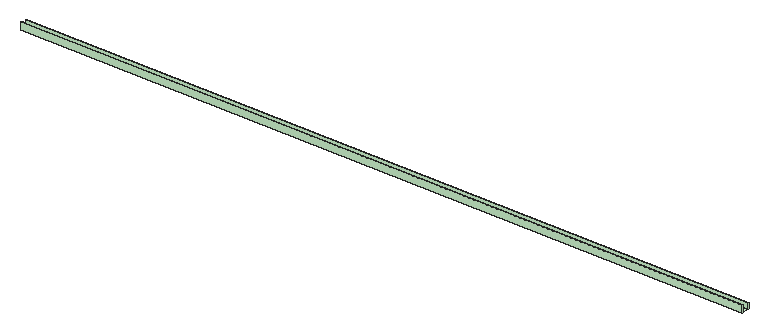
Revit family "sqrunner_40", category 機械設備, Revit 2022
Family settings
  丸型コネクタ寸法 = 直径を使用
  種別 = なし
  パーツ タイプ = 標準
  作業面ベース = いいえ
  常に垂直 = はい
  ロード時にボイドで切り取り = いいえ
  注釈の向きを維持 = いいえ
  共有 = いいえ
  部屋計算ポイント = いいえ
Parameters
  製造元 = "株式会社桐井製作所"
  既定の高さ = 0 mm
  URL = "https://www.kirii.co.jp/"
  K_長さ(mm) [instance] = 4000 mm
  K_材質 = "SGCC　一般用"
  K_外形寸法(mm) = "42×40×30"
  K_品名 = "SQ-ランナー40"
  K_名称 = "角型スタッド用ランナー"
  K_バージョン情報 = "20210524"
  K_めっき付着量 = "Z08"
  K_JIS規格 = "JIS G 3302"
Reference planes
  plane 1 "中心(正面/背面)": y = 0
  plane 2: z = 0
  plane 3 "中心(左/右)": x = 0
  plane 4: x = 4000
  plane 5: y = 21
  plane 6: y = -21
Forms (mm)
  Extrusion 1, solid
    sketch origin (0, 0, 0) x (0, 1, 0) y (0, 0, 1)
      loop
        line (-21, 0) -> (21, 0) -> (21, 30) -> (20.2, 30) -> (20.2, 0.8) -> (-20.2, 0.8) -> (-20.2, 40) -> (-21, 40) -> (-21, 0)
    from 0 to 4000
Dimensions and locks
  "K_長さ(mm)": plane 3 "中心(左/右)" to plane 4
  aligned and locked: level to plane 2
  aligned and locked: plane 4 to Extrusion 1
  aligned and locked: Extrusion 1 to plane 4
Automatic sketch dimensions
  Extrusion 1 sketch curve to level = 0 mm
  Extrusion 1 sketch curve to plane 6 = 0 mm
  Extrusion 1 sketch curve to Extrusion 1 sketch curve = 0.8 mm  (x2)
  level to Extrusion 1 sketch curve = 0.8 mm
  Extrusion 1 sketch curve to Extrusion 1 sketch curve = 39.2 mm
  Extrusion 1 sketch curve to Extrusion 1 sketch curve = 29.2 mm
  Extrusion 1 sketch curve to plane 5 = 0 mm
